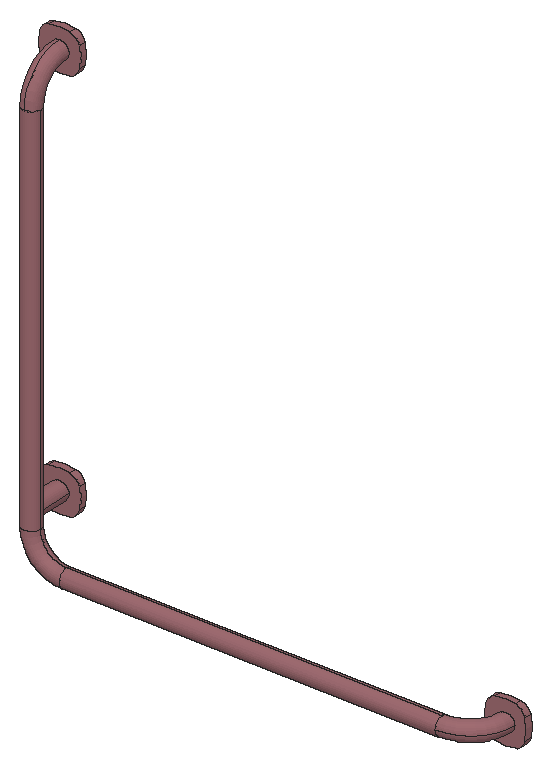
Revit family "Solo L handrail", category Specialty Equipment, Revit 2019
Family settings
  Round Connector Dimension = Use Diameter
  Part Type = Normal
  Work Plane-Based = No
  Always vertical = Yes
  Cut with Voids When Loaded = No
  Shared = No
  Room Calculation Point = No
Parameters (values of type "16803R")
  _Width_ = 790 mm  # constant formula
  _Height_ = 790 mm  # constant formula
  _BIM_Content_Update_Date_ = ""  # constant formula
  _BIM_Content_Publish_Date_ = "08.07.2021"  # constant formula
  _BIM_Author_Contact_Details_ = "Mika Leinonen, B.Eng\r\nRevit BIM and 3D-visualization specialist\r\n\r\nCEO, Treedee Oy\r\n\r\nmika.leinonen@treedee.fi\r\n\r\n+358 (0) 40 188 5182\r\n\r\nwww.treedee.fi"
  _BIM_Author_ = "Mika Leinonen - Treedee Oy"  # constant formula
  URL = "www.korpinen.com"
  Model = ""
  Manufacturer = "Väinö Korpinen Oy"  # constant formula
  _Color_ = RAL 3003 - Red
Types (3, lengths in mm): name | _Color_
  16803R | RAL 3003 - Red
  16803G | RAL 7037 - Grey
  16803W | RAL 9016 - White
Reference planes
  plane 1 "Center (Front/Back)": y = 0
  plane 2: z = 0
  plane 3 "Center (Left/Right)": x = 0
  plane 4: z = 0
  plane 5: x = 790
  plane 6: z = 790
  plane 7: z = 90
  plane 8: y = -74
  plane 9: z = 0
Forms (mm)
  Sweep 1, solid, material "RAL 3003 - Red" <- "_Color_"
    path origin (0, 0, 0) x (1, 0, 0) y (0, 0, 1)
      loop
        line (728, 0) -> (62, 0)
        arc (62, 0) -> (18.159, 18.159) -> (0, 62) r 62
        line (0, 62) -> (0, 728)
    profile origin (0, 0, 395) x (-1, 0, 0) y (0, -1, 0)
      loop
        circle (0, 74) r 16
  Extrusion 2, solid, material "RAL 3003 - Red" <- "_Color_"
    sketch origin (0, 0, -90) x (1, 0, 0) y (0, 0, 1)
      loop
        arc (808.5, 125) -> (790, 126.771) -> (771.5, 125) r 97.5
        arc (771.5, 125) -> (760.944, 119.056) -> (755, 108.5) r 22.5
        arc (755, 108.5) -> (753.229, 90) -> (755, 71.5) r 97.5
        arc (755, 71.5) -> (760.944, 60.944) -> (771.5, 55) r 22.5
        arc (771.5, 55) -> (790, 53.229) -> (808.5, 55) r 97.5
        arc (808.5, 55) -> (819.056, 60.944) -> (825, 71.5) r 22.5
        arc (825, 71.5) -> (826.771, 90) -> (825, 108.5) r 97.5
        arc (825, 108.5) -> (819.056, 119.056) -> (808.5, 125) r 22.5
      loop
        arc (18.5, 915) -> (0, 916.771) -> (-18.5, 915) r 97.5
        arc (-18.5, 915) -> (-29.056, 909.056) -> (-35, 898.5) r 22.5
        arc (-35, 898.5) -> (-36.771, 880) -> (-35, 861.5) r 97.5
        arc (-35, 861.5) -> (-29.056, 850.944) -> (-18.5, 845) r 22.5
        arc (-18.5, 845) -> (0, 843.229) -> (18.5, 845) r 97.5
        arc (18.5, 845) -> (29.056, 850.944) -> (35, 861.5) r 22.5
        arc (35, 861.5) -> (36.771, 880) -> (35, 898.5) r 97.5
        arc (35, 898.5) -> (29.056, 909.056) -> (18.5, 915) r 22.5
      loop
        arc (18.5, 145) -> (29.056, 150.944) -> (35, 161.5) r 22.5
        arc (35, 161.5) -> (36.771, 180) -> (35, 198.5) r 97.5
        arc (35, 198.5) -> (29.056, 209.056) -> (18.5, 215) r 22.5
        arc (18.5, 215) -> (0, 216.771) -> (-18.5, 215) r 97.5
        arc (-18.5, 215) -> (-29.056, 209.056) -> (-35, 198.5) r 22.5
        arc (-35, 198.5) -> (-36.771, 180) -> (-35, 161.5) r 97.5
        arc (-35, 161.5) -> (-29.056, 150.944) -> (-18.5, 145) r 22.5
        arc (-18.5, 145) -> (0, 143.229) -> (18.5, 145) r 97.5
    from 0 to 12
  Sweep 3, solid, material "RAL 3003 - Red" <- "_Color_"
    path origin (0, 0, 0) x (0, 1, 0) y (0, 0, 1)
      loop
        arc (-12, 790) -> (-55.841, 771.841) -> (-74, 728) r 62
    profile origin (0, -55.841, 771.841) x (0, 0.707107, -0.707107) y (1, 0, 0)
      loop
        circle (0, 0) r 16
  Extrusion 4, solid, material "RAL 3003 - Red" <- "_Color_"
    sketch origin (0, -12, -90) x (1, 0, 0) y (0, 0, 1)
      loop
        circle (0, 180) r 16
    from 0 to 62
  Sweep 5, solid, material "RAL 3003 - Red" <- "_Color_"
    path origin (0, 0, 0) x (1, 0, 0) y (0, 1, 0)
      loop
        arc (790, -12) -> (771.841, -55.841) -> (728, -74) r 62
    profile origin (771.841, -55.841, 0) x (0.707107, -0.707107, 0) y (0, 0, 1)
      loop
        circle (0, 0) r 16
Cuts and joins
  joined: Extrusion 2, Extrusion 4
  joined: Sweep 1, Sweep 3, Sweep 5
Dimensions and locks
  "_Width_": plane 5 to plane 3 "Center (Left/Right)"
  "_Height_": plane 6 to level
  locked: plane 7 to plane 2 at 90
  locked: plane 1 "Center (Front/Back)" to plane 8 at 74
  aligned and locked: level to plane 2
Automatic sketch dimensions
  Sweep 1 sketch curve to plane 3 "Center (Left/Right)" = 0 mm
  Sweep 1 sketch curve to level = 0 mm
  Sweep 1 sketch curve to plane 7 = 28 mm
  Sweep 1 sketch curve to plane 5 = 62 mm
  Sweep 1 sketch curve to plane 6 = 62 mm
  Sweep 1 sketch curve to profile plane = 0 mm
  plane 1 "Center (Front/Back)" to Sweep 1 sketch curve = 74 mm
  Extrusion 2 sketch curve to plane 6 = 0 mm  (x2)
  Extrusion 2 sketch curve to plane 3 "Center (Left/Right)" = 0 mm  (x4)
  Extrusion 2 sketch curve to level = 0 mm  (x2)
  Extrusion 2 sketch curve to plane 5 = 0 mm  (x2)
  Extrusion 2 sketch curve to plane 3 "Center (Left/Right)" = 13.146 mm  (x4)
  Extrusion 2 sketch curve to Extrusion 2 sketch curve = 47.583 mm  (x6)
  plane 3 "Center (Left/Right)" to Extrusion 2 sketch curve = 13.146 mm  (x4)
  Extrusion 2 sketch curve to plane 5 = 60.729 mm
  Extrusion 2 sketch curve to plane 5 = 13.146 mm  (x2)
  plane 5 to Extrusion 2 sketch curve = 13.146 mm  (x2)
  Extrusion 2 sketch curve to level = 13.146 mm  (x2)
  level to Extrusion 2 sketch curve = 13.146 mm  (x2)
  Extrusion 2 sketch curve to plane 7 = 29.271 mm
  Extrusion 2 sketch curve to plane 6 = 60.729 mm
  Extrusion 2 sketch curve to plane 6 = 13.146 mm  (x2)
  plane 6 to Extrusion 2 sketch curve = 13.146 mm  (x2)
  Extrusion 2 sketch curve to plane 3 "Center (Left/Right)" = 18.5 mm  (x4)
  Extrusion 2 sketch curve to Extrusion 2 sketch curve = 21.854 mm  (x6)
  plane 6 to Extrusion 2 sketch curve = 18.5 mm  (x2)
  plane 3 "Center (Left/Right)" to Extrusion 2 sketch curve = 18.5 mm  (x4)
  Extrusion 2 sketch curve to level = 18.5 mm
  Extrusion 2 sketch curve to plane 5 = 18.5 mm  (x2)
  plane 5 to Extrusion 2 sketch curve = 18.5 mm  (x2)
  level to Extrusion 2 sketch curve = 18.5 mm
  Sweep 3 sketch curve to plane 8 = 0 mm
  Sweep 3 sketch curve to plane 6 = 0 mm
  plane 1 "Center (Front/Back)" to Sweep 3 sketch curve = 12 mm
  Sweep 3 sketch curve to plane 3 "Center (Left/Right)" = 0 mm
  Sweep 3 sketch curve to profile plane = 0 mm
  Extrusion 4 sketch curve to Extrusion 4 sketch curve = 0 mm  (x2)
  Extrusion 4 sketch curve to Extrusion 4 sketch curve = 16 mm
  plane 8 to Sweep 5 sketch curve = 0 mm
  Sweep 5 sketch curve to plane 5 = 0 mm
  plane 1 "Center (Front/Back)" to Sweep 5 sketch curve = 12 mm
  Sweep 5 sketch curve to level = 0 mm
  Sweep 5 sketch curve to profile plane = 0 mm
  level to Extrusion 2 sketch curve = 90 mm  (x2)
  Extrusion 2 sketch curve to plane 3 "Center (Left/Right)" = 60.729 mm
  level to Extrusion 2 sketch curve = 29.271 mm
  level to Extrusion 2 sketch curve = 76.854 mm  (x2)
  level to Extrusion 2 sketch curve = 103.146 mm  (x2)
  level to Extrusion 2 sketch curve = 108.5 mm  (x2)
  plane 7 to Extrusion 2 sketch curve = 60.729 mm
  radius of Sweep 1 sketch curve = 16 mm
  radius of Sweep 3 sketch curve = 16 mm
  radius of Sweep 5 sketch curve = 16 mm
